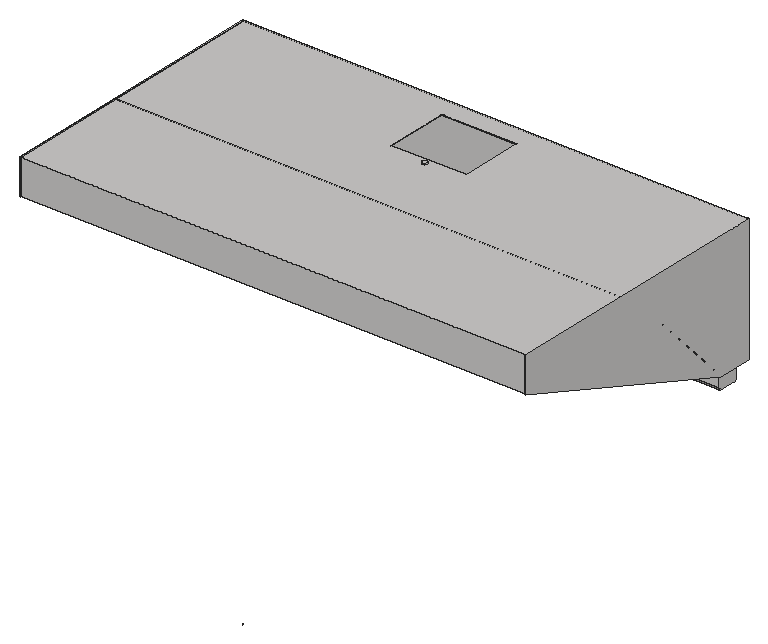
Revit family "QF_ELECTROLUXPROFESSIONAL_644193_AMPV1120BT", category Attrezzature speciali, Revit 2021
Family settings
  Quota connettore circolare = Usa diametro
  Tipo di parte = Normale
  Basato su piano di lavoro = No
  Sempre verticale = Sì
  Taglio con vuoti quando caricato = No
  Condiviso = No
  Punto di calcolo locali = No
Parameters (values of type "Standard")
  Weight = 65.00 kg
  Watts = 420 W
  Volts = 220 V
  URL Manufacturer = "https://www.electroluxprofessional.com/"
  URL = "https://www.electroluxprofessional.com/"
  Steam Supply Size = 0 mm
  Steam Supply Minimum Pressure = 0.0 Pa
  Steam Supply Maximum Pressure = 0.0 Pa
  Steam Consumption per Hour = 0
  Refrigeration Suction Line Size = 0 mm
  Refrigeration Liquid Line Size = 0 mm
  Refrigerant Compressor Remote = yes
  Prospetto di default = 0 mm
  Produttore = "Electrolux Professional"
  Phase = 1
  Modello = "AMPV1120BT"
  Length Actual = 2000 mm  # constant formula
  Item Number = "644193"
  Hot Water Size = 0 mm
  Height Actual = 500 mm  # constant formula
  HP = "0.6 HP"
  Gas Size = 0 mm
  Gas KW = 0
  Gas Input Pressure = 0 W
  Direct Waste Size = 0 mm
  Descrizione = "430 S/S WALL HOOD+FILTERS+FAN 2000X1100"
  Depth Actual = 1100 mm  # constant formula
  Cycle = 50 Hz
  Condensate Return Size = 0 mm
  Compressed Air Volume = 0.0 L/s
  Compressed Air Size = 0 mm
  Compressed Air Pressure = 0.0 Pa
  Cold Water Size = 0 mm
  Accessory = yes
Reference planes
  plane 1 "Center (Front/Back)": y = 0
  plane 2: z = 0
  plane 3 "Center (Left/Right)": x = 150
  plane 4 "LEFT": x = -850
  plane 5 "RIGHT": x = 1150
  plane 6 "BACK": y = 550
  plane 7 "FRONT": y = -550
  plane 8 "Plane": z = 2000
  plane 9 "TOP": z = 2140
  plane 10 "Base": z = 1640
  plane 11: z = 1566
  plane 12 "DrainY": y = 485
  plane 13: x = -847
  plane 14: through (0, 414.509, 1640.8) normal (0, 0.7314, 0.682)
  plane 15: y = 470
  plane 16: y = 220
  plane 17 "DrainX": x = 1030
  plane 18: x = 0
  plane 19: x = 300
  plane 20: x = 1147
  plane 21: x = 940
  plane 22: x = 1120
  plane 23: x = -810
  plane 24: x = 1110
  plane 25: x = -47.5
  plane 26: x = 347.5
  plane 27: y = 200
Forms (mm)
  Extrusion 1, solid, material "QF_Finishes_Stainless Steel"
    sketch origin (-850, 0, 0) x (0, 1, 0) y (0, 0, 1)
      loop
        line (550, 1640) -> (550, 2140) -> (-550, 2140) -> (-550, 1999.112) -> (413.973, 1640) -> (550, 1640)
    from 0 to 3
  Extrusion 2, solid, material "QF_Finishes_Stainless Steel"
    sketch origin (150, 0, 0) x (0, 1, 0) y (0, 0, 1)
      loop
        line (415.255, 1640) -> (550, 1640) -> (550, 2139.19) -> (549.2, 2139.19) -> (549.2, 1640.8) -> (415.876, 1640.8) -> (339.347, 1722.867) -> (349.609, 1732.436) -> (348.927, 1733.167) -> (337.934, 1722.917) -> (415.255, 1640)
      loop
        line (-82.203, 2139.19) -> (-82.203, 2118.6) -> (-31.047, 2118.6) -> (34.354, 2048.466) -> (46.028, 2059.352) -> (45.346, 2060.083) -> (34.403, 2049.879) -> (-30.612, 2119.6) -> (-81.203, 2119.6) -> (-81.203, 2139.19) -> (-82.203, 2139.19)
    from -997 to 997
  Extrusion 3, solid, material "QF_Finishes_Stainless Steel"
    sketch origin (1150, 0, 0) x (0, 1, 0) y (0, 0, 1)
      loop
        line (550, 1640) -> (550, 2140) -> (-550, 2140) -> (-550, 1999.112) -> (413.973, 1640) -> (550, 1640)
    from 0 to -3
  Extrusion 4, solid, material "QF_Finishes_Stainless Steel"
    sketch origin (150, 0, 0) x (0, 1, 0) y (0, 0, 1)
      loop
        line (-550, 2140) -> (-550, 2000) -> (-549.2, 2000) -> (-549.2, 2139.19) -> (550, 2139.19) -> (550, 2140) -> (-550, 2140)
    from -1000 to 1000
  Extrusion 5, solid, material "QF_Finishes_Stainless Steel"
    sketch origin (150, 0, 0) x (0, 1, 0) y (0, 0, 1)
      loop
        line (534, 1640) -> (436, 1640) -> (436, 1627) -> (443.5, 1627) -> (443.5, 1576)
        arc (443.5, 1576) -> (446.429, 1568.929) -> (453.5, 1566) r 10
        line (453.5, 1566) -> (516.5, 1566)
        arc (516.5, 1566) -> (523.571, 1568.929) -> (526.5, 1576) r 10
        line (526.5, 1576) -> (526.5, 1627) -> (534, 1627) -> (534, 1640)
    from 790 to 970
  Extrusion 6, solid, material "QF_Finishes_Stainless Steel"
    sketch origin (0, 0, 1640) x (0, 1, 0) y (-1, 0, 0)
      loop
        circle (485, -1030) r 20
    from -76 to -74
  Extrusion 7, solid, material "QF_Finished_Chrome"
    sketch origin (150, 0, 0) x (0, 1, 0) y (0, 0, 1)
      loop
        line (337.934, 1722.917) -> (341.591, 1726.327) -> (38.011, 2051.876) -> (34.354, 2048.466) -> (337.934, 1722.917)
    from -197.5 to -960
  Extrusion 8, solid, material "QF_Finishes_Stainless Steel"
    sketch origin (150, 0, 0) x (0, 1, 0) y (0, 0, 1)
      loop
        line (337.934, 1722.917) -> (341.591, 1726.327) -> (38.011, 2051.876) -> (34.354, 2048.466) -> (337.934, 1722.917)
    from 997 to 960
  Extrusion 9, solid, material "QF_Finished_Chrome"
    sketch origin (150, 0, 0) x (0, 1, 0) y (0, 0, 1)
      loop
        line (341.588, 1726.324) -> (38.009, 2051.874) -> (34.354, 2048.466) -> (337.934, 1722.917) -> (341.588, 1726.324)
    from 197.5 to 960
  Extrusion 10, void
    sketch origin (0, 0, 2140) x (0, 1, 0) y (-1, 0, 0)
      loop
        line (470, -300) -> (470, 0) -> (220, 0) -> (220, -300) -> (470, -300)
    from 0 to -10
  Extrusion 11, solid, material "QF_Finishes_Stainless Steel"
    sketch origin (0, 0, 0) x (1, 0, 0) y (0, 1, 0)
      loop
        line (-850, 550) -> (-850, 549) -> (-849, 549) -> (-849, 550) -> (-850, 550)
    from 0 to 1
  Extrusion 12, solid, material "QF_Finishes_Stainless Steel"
    sketch origin (150, 0, 0) x (0, 1, 0) y (0, 0, 1)
      loop
        line (337.934, 1722.917) -> (341.591, 1726.327) -> (38.011, 2051.876) -> (34.354, 2048.466) -> (337.934, 1722.917)
    from -960 to -997
  Extrusion 13, solid, material "QF_Finishes_Stainless Steel"
    sketch origin (150, 0, 0) x (0, 1, 0) y (0, 0, 1)
      loop
        line (337.934, 1722.917) -> (341.591, 1726.327) -> (38.011, 2051.876) -> (34.354, 2048.466) -> (337.934, 1722.917)
    from 197.5 to -197.5
  Extrusion 14, solid, material "QF_Finishes_Stainless Steel"
    sketch origin (0, 0, 2140) x (0, 1, 0) y (-1, 0, 0)
      loop
        circle (200, -150) r 10
    from 0 to 1.6
Cuts and joins
  Extrusion 10 cuts Extrusion 4
  joined: Extrusion 2, Extrusion 4
Lines and regions (mm)
  reference lines
    curve 1: line (150, 34.354, 2048.466) -> (150, 34.354, 1888.466)
  symbolic lines, style "SpecialityEquipment", detail levels coarse
    curve 2: line (1150, 550, 2140) -> (-850, 550, 2140)
    curve 3: line (-850, 550, 2140) -> (-850, -550, 2140)
    curve 4: line (1150, -550, 2140) -> (1150, 550, 2140)
    curve 5: line (-850, -550, 2140) -> (1150, -550, 2140)
    curve 6: line (300, 220, 2140) -> (0, 220, 2140)
    curve 7: line (300, 470, 2140) -> (300, 220, 2140)
    curve 8: line (0, 470, 2140) -> (300, 470, 2140)
    curve 9: line (0, 220, 2140) -> (0, 470, 2140)
    curve 10: line (-850, -550, 0) -> (1150, 550, 0)
    curve 11: line (-850, 550, 0) -> (1150, -550, 0)
Dimensions and locks
  plane 4 "LEFT" to plane 5 "RIGHT" = 2000 mm
  equal spacing: plane 4 "LEFT", plane 3 "Center (Left/Right)", plane 5 "RIGHT"
  locked: plane 8 "Plane" to level at 2000
  plane 9 "TOP" to plane 8 "Plane" = 140 mm
  locked: plane 9 "TOP" to plane 10 "Base" at 500
  plane 10 "Base" to plane 11 = 74 mm
  plane 6 "BACK" to plane 12 "DrainY" = 65 mm  (x2)
  plane 4 "LEFT" to plane 13 = 3 mm
  plane 6 "BACK" to plane 15 = 80 mm
  plane 15 to plane 16 = 250 mm  (x2)
  plane 17 "DrainX" to plane 5 "RIGHT" = 120 mm
  plane 20 to plane 5 "RIGHT" = 3 mm
  locked: plane 21 to plane 17 "DrainX" at 90
  locked: plane 17 "DrainX" to plane 22 at 90
  plane 6 "BACK" to plane 7 "FRONT" = 1100 mm  (x2)
  equal spacing: plane 6 "BACK", plane 1 "Center (Front/Back)", plane 7 "FRONT"
  plane 16 to plane 7 "FRONT" = 770 mm
  plane 15 to plane 6 "BACK" = 80 mm
  locked: plane 4 "LEFT" to plane 23 at 40
  locked: plane 24 to plane 5 "RIGHT" at 40
  locked: plane 25 to plane 26 at 395
  equal spacing: plane 25, plane 3 "Center (Left/Right)", plane 26
  locked: plane 18 to plane 19 at 300
  equal spacing: plane 18, plane 3 "Center (Left/Right)", plane 19
  plane 16 to plane 27 = 20 mm
  aligned and locked: level to plane 2
  aligned and locked: Extrusion 2 to Extrusion 1
  aligned and locked: Extrusion 2 to Extrusion 3
  aligned and locked: plane 5 "RIGHT" to Extrusion 4
  aligned and locked: Extrusion 4 to plane 4 "LEFT"
  aligned and locked: plane 20 to Extrusion 8
  aligned and locked: Extrusion 10 to plane 18
  aligned and locked: Extrusion 10 to plane 16
  aligned and locked: Extrusion 10 to plane 15
  aligned and locked: Extrusion 2 to Extrusion 4
  aligned and locked: plane 22 to Extrusion 5
  aligned and locked: Extrusion 5 to plane 21
  aligned and locked: Extrusion 8 to plane 24
  aligned and locked: Extrusion 9 to plane 24
  aligned and locked: Extrusion 7 to plane 23
  aligned and locked: Extrusion 12 to plane 13
  aligned and locked: plane 23 to Extrusion 12
  aligned and locked: Extrusion 3 to plane 20
  aligned and locked: Extrusion 10 to plane 19
  aligned and locked: plane 19 to curve 7
  aligned and locked: plane 26 to Extrusion 13
  aligned and locked: Extrusion 13 to plane 25
  aligned and locked: Extrusion 9 to plane 26
Automatic sketch dimensions
  curve 5 to plane 5 "RIGHT" = 0 mm
  curve 5 to plane 7 "FRONT" = 0 mm
  curve 6 to plane 16 = 0 mm
  plane 15 to curve 8 = 0 mm
  curve 3 to plane 4 "LEFT" = 0 mm
  curve 3 to plane 6 "BACK" = 0 mm
  curve 6 to plane 18 = 0 mm
  Extrusion 1 sketch curve to plane 7 "FRONT" = 0 mm
  Extrusion 1 sketch curve to plane 10 "Base" = 0 mm
  Extrusion 1 sketch curve to plane 6 "BACK" = 0 mm
  Extrusion 1 sketch curve to plane 9 "TOP" = 0 mm
  plane 15 to Extrusion 1 sketch curve = 56.027 mm
  Extrusion 1 sketch curve to plane 8 "Plane" = 0.888 mm
  Extrusion 2 sketch curve to plane 14 = 0 mm  (x3)
  Extrusion 2 sketch curve to plane 10 "Base" = 0 mm
  plane 14 to Extrusion 2 sketch curve = 0 mm
  Extrusion 2 sketch curve to plane 6 "BACK" = 0 mm
  Extrusion 2 sketch curve to Extrusion 2 sketch curve = 65.646 mm
  Extrusion 2 sketch curve to Extrusion 2 sketch curve = 0.682 mm  (x2)
  Extrusion 2 sketch curve to Extrusion 2 sketch curve = 10.261 mm
  plane 10 "Base" to Extrusion 2 sketch curve = 82.917 mm
  Extrusion 2 sketch curve to plane 1 "Center (Front/Back)" = 46.028 mm
  Extrusion 2 sketch curve to Extrusion 2 sketch curve = 10.942 mm
  Extrusion 2 sketch curve to Extrusion 2 sketch curve = 0.049 mm
  Extrusion 2 sketch curve to plane 9 "TOP" = 20.4 mm
  Extrusion 2 sketch curve to plane 9 "TOP" = 21.4 mm
  Extrusion 2 sketch curve to plane 9 "TOP" = 0.81 mm  (x2)
  Extrusion 2 sketch curve to Extrusion 2 sketch curve = 50.156 mm
  Extrusion 2 sketch curve to Extrusion 2 sketch curve = 1 mm
  plane 10 "Base" to Extrusion 2 sketch curve = 0.8 mm
  Extrusion 2 sketch curve to plane 6 "BACK" = 0.8 mm
  Extrusion 3 sketch curve to plane 7 "FRONT" = 0 mm
  Extrusion 3 sketch curve to plane 10 "Base" = 0 mm
  Extrusion 3 sketch curve to plane 6 "BACK" = 0 mm
  Extrusion 3 sketch curve to plane 9 "TOP" = 0 mm
  plane 15 to Extrusion 3 sketch curve = 56.027 mm
  Extrusion 3 sketch curve to plane 8 "Plane" = 0.888 mm
  Extrusion 4 sketch curve to plane 7 "FRONT" = 0 mm
  Extrusion 4 sketch curve to plane 8 "Plane" = 0 mm
  Extrusion 4 sketch curve to plane 6 "BACK" = 0 mm
  Extrusion 4 sketch curve to plane 9 "TOP" = 0 mm
  plane 7 "FRONT" to Extrusion 4 sketch curve = 0.8 mm
  Extrusion 4 sketch curve to plane 9 "TOP" = 0.81 mm
  curve 1 to plane 14 = 0 mm
  curve 1 to plane 1 "Center (Front/Back)" = 34.354 mm
  curve 1 to plane 8 "Plane" = 111.534 mm
  Extrusion 5 sketch curve to plane 10 "Base" = 0 mm
  Extrusion 5 sketch curve to plane 11 = 0 mm
  Extrusion 5 sketch curve to plane 10 "Base" = 13 mm  (x2)
  plane 15 to Extrusion 5 sketch curve = 34 mm
  Extrusion 5 sketch curve to Extrusion 5 sketch curve = 7.5 mm  (x2)
  Extrusion 5 sketch curve to Extrusion 5 sketch curve = 10 mm
  plane 12 "DrainY" to Extrusion 5 sketch curve = 31.5 mm
  Extrusion 5 sketch curve to plane 6 "BACK" = 23.5 mm
  Extrusion 6 sketch curve to plane 12 "DrainY" = 0 mm
  Extrusion 6 sketch curve to plane 17 "DrainX" = 0 mm
  Extrusion 7 sketch curve to plane 14 = 0 mm  (x2)
  Extrusion 7 sketch curve to plane 1 "Center (Front/Back)" = 34.354 mm
  Extrusion 7 sketch curve to Extrusion 7 sketch curve = 3.657 mm
  plane 10 "Base" to Extrusion 7 sketch curve = 82.917 mm
  Extrusion 8 sketch curve to plane 14 = 0 mm  (x2)
  Extrusion 8 sketch curve to plane 1 "Center (Front/Back)" = 34.354 mm
  Extrusion 8 sketch curve to Extrusion 8 sketch curve = 3.657 mm
  plane 10 "Base" to Extrusion 8 sketch curve = 82.917 mm
  Extrusion 9 sketch curve to plane 14 = 0 mm  (x2)
  Extrusion 9 sketch curve to plane 1 "Center (Front/Back)" = 34.354 mm
  Extrusion 9 sketch curve to Extrusion 9 sketch curve = 3.655 mm
  plane 10 "Base" to Extrusion 9 sketch curve = 82.917 mm
  Extrusion 10 sketch curve to plane 16 = 0 mm
  plane 15 to Extrusion 10 sketch curve = 0 mm
  Extrusion 10 sketch curve to plane 19 = 0 mm
  Extrusion 10 sketch curve to plane 18 = 0 mm
  Extrusion 11 sketch curve to plane 4 "LEFT" = 0 mm
  Extrusion 11 sketch curve to plane 6 "BACK" = 0 mm
  plane 4 "LEFT" to Extrusion 11 sketch curve = 1 mm
  Extrusion 11 sketch curve to Extrusion 11 sketch curve = 1 mm
  Extrusion 12 sketch curve to plane 14 = 0 mm  (x2)
  Extrusion 12 sketch curve to plane 1 "Center (Front/Back)" = 34.354 mm
  Extrusion 12 sketch curve to Extrusion 12 sketch curve = 3.657 mm
  plane 10 "Base" to Extrusion 12 sketch curve = 82.917 mm
  Extrusion 13 sketch curve to plane 14 = 0 mm  (x2)
  Extrusion 13 sketch curve to plane 1 "Center (Front/Back)" = 34.354 mm
  Extrusion 13 sketch curve to Extrusion 13 sketch curve = 3.657 mm
  plane 10 "Base" to Extrusion 13 sketch curve = 82.917 mm
  curve 11 to plane 4 "LEFT" = 0 mm
  curve 10 to plane 4 "LEFT" = 0 mm
  curve 11 to plane 5 "RIGHT" = 0 mm
  curve 10 to plane 5 "RIGHT" = 0 mm
  curve 11 to plane 7 "FRONT" = 0 mm
  curve 10 to plane 7 "FRONT" = 0 mm
  curve 11 to plane 6 "BACK" = 0 mm
  curve 10 to plane 6 "BACK" = 0 mm
  Extrusion 14 sketch curve to plane 3 "Center (Left/Right)" = 0 mm
  plane 27 to Extrusion 14 sketch curve = 0 mm
  radius of Extrusion 6 sketch curve = 20 mm
  radius of Extrusion 14 sketch curve = 10 mm
Connectors
  piping at (1030, 485, 1564), diameter 20
    settings: on Extrusion 6, index 1, connector inside diameter 609.6 mm, connector length 0 mm, flow factor 0, pipe flow 0.0 L/s, pressure drop 0.0 Pa, fitting loss kfactor 0, connector angle 0.00°, fixture units 0, engagement length 0 mm, angle of deflection 0.00°, flow configuration 1, flow direction 2, fitting loss method 0, system type 16, joint type 0, gender type 0, connector reference index -1, connector utility 0, adjustable connector no, is connector primary yes, connector description "Drain"
  hvac at (150, 345, 2140)
    settings: on Extrusion 10, index 2, duct flow 0.0 L/s, flow factor 0, pres drop 0.0 Pa, loss coef 0, conn angle 0.00°, conn width 250 mm, conn height 300 mm, conn diameter 609.6 mm, duct sys type 3, conn prof type 1, flow config 0, flow direction 2, loss method 0, conn ref index -1, conn util no, is conn primary yes, conn desc "EXHAUST OUTLET"
  electrical at (150, 200, 2141.6), driven by "Volts"
    settings: on Extrusion 14, index 3, voltage 220 V, apparent load 0 VA, apparent load phase1 0 VA, apparent load phase2 0 VA, apparent load phase3 0 VA, power factor 1, load classification "Other", number of poles 1, system type 30, power factor state 1, is connector primary yes, connector utility no, sub classification motor no, connector description "Electrical Connection"
